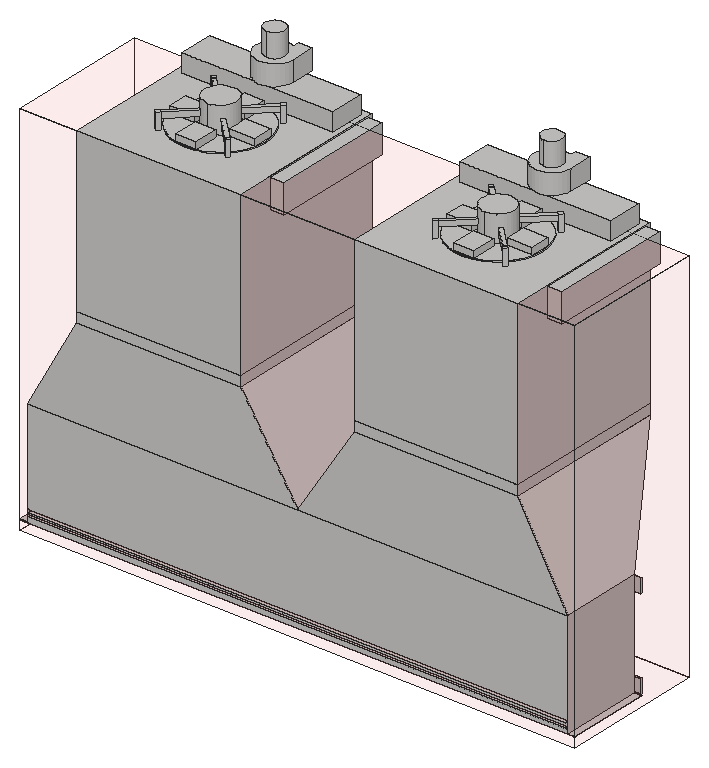
Revit family "Air-Curtain_Industrial_PoweredAire_Gas-Indirect-2Heater", category Mechanical Equipment, host Face, Revit 2019
Family settings
  Host = Face
  Round Connector Dimension = Use Diameter
  Part Type = Normal
  OmniClass Number = 23.75.35.17.21
  OmniClass Title = Air Curtains
  Cut with Voids When Loaded = No
  Shared = No
  Room Calculation Point = No
Parameters
  topbracket [instance] = Unit Height = 1' 4 3/4"  # yes
  Warranty Duration (Years) = 0
  Unit Width Notes = "Other Widths available."  # constant formula
  Unit Width = 9' - 3 5/32"
  Unit Weight = 0
  Unit Height = 1' - 4 3/4"
  Unit Depth = 1' - 9 1/4"
  URL = "http://www.poweredaire.com/"
  Test Data = ""
  Standards Conformance = "as Specified"
  Specification = "http://www.arcat.com/sdspecs/htm04/23_34_33pai.htm"
  SpecWizard = ""
  Sound Pressure = "as Specified"
  Sales Information = "http://www.poweredaire.com/contact_us"
  Revision = "R1_2016-08"
  Projection from Host [instance] = 0' - 2"
  Product Properties = ""
  Product Data = "http://www.arcat.com/arcatcos/cos47/arc47623.html"
  Power Rating = 0 W
  Piping_Operating Pressure [instance] = 0.00 psi
  Pipe OD [instance] = 5/8"
  Overall Depth = 6' - 1 3/4"
  Nozzle Width = if(1 = 1, Unit Width - 0' 3", 0' 0")  # 9' - 0 5/32"
  Mounting Width = if(1 = 1, Unit Width - 0' 1 1/2", 0' 0")  # 9' - 1 21/32"
  Mounting Height [instance] = 3' - 6"
  Motor RPM = 0
  Motor HP = 0
  Motor Count = 0
  Model = "As Specified"
  Max Height = 0' - 0"
  Manufacturer Website = "http://www.poweredaire.com/"
  Manufacturer Phone - Toll Free = "888-321-2473"
  Manufacturer Phone = "724-588-3305"
  Manufacturer Fax = "724-588-3371"
  Manufacturer Address = "109 Mortensen Rd.  Greenville, PA 16125"
  Manufacturer = "Powered Aire, Inc"
  Maintenance Schedule (Months) = 0
  Keynote = "23 34 33"
  Installation-Fabrication = ""
  Installation Phase = ""
  Include Clearance [instance] = yes
  Heating Element Load = 0 W
  Heater Weight = 0
  Heater Hanging Width = 2' - 6 5/8"
  Heater Finish [instance] = Metal - Steel - PoweredAire - Stainless 304
  HVAC_Temperature Rise = 0 °F
  HVAC_Primary CFM = 0 CFM
  HVAC_Outlet Volume = 0 CFM
  HVAC_Outlet Velocity Uniformity = 0
  HVAC_Outlet Velocity = 0 FPM
  HVAC_Exit Temperature [instance] = 0 °F
  HVAC_BTU Output = 0.0 Btu/h
  HVAC_BTU Input = 0.0 Btu/h
  Green Building-LEED = "http://www.arcat.com/green/clients/leed_data_47623.html"
  Gas Connection Diameter [instance] = 0"
  Frame Finish [instance] = Metal - Steel - PoweredAire - Stainless 304
  Expected Lifespan (Years) = 0
  Exhaust Connection Diameter = 0' - 5"
  Electrical_Wattage [instance] = Power Rating + Heating Element Load  # 0 W
  Electrical_Voltage [instance] = 0 V
  Electrical_Phase [instance] = 1
  Electrical_Frequency [instance] = 0 Hz
  Electrical_Amperage [instance] = 0 A
  Drawn By = "Sumex Design, Inc. / Robert S. Weygant, CSI, CDT, SCIP"
  Description = "Powered Aire Air Curtain as Specified"
  Default Elevation = 0' - 0"  # constant formula
  Copyright = "©Arcat Inc."
  Construction Details = "http://www.arcat.com/details/powair/prod3336.html"
  Clearance_Top [instance] = 1' - 0"
  Clearance_Side B [instance] = 0' - 0"
  Clearance_Side A [instance] = 0' - 0"
  Clearance_Intake [instance] = 0' - 0"
  Clearance_Bottom [instance] = 0' - 0"
  Clearance Material [instance] = ARCAT Clearance
  Building Codes = ""
  Available Options [instance] = "as Specified"
  Assembly Code = "D3090400"
Reference planes (in)
  plane 1 "Center (Elevation)": y = 0.13818
  plane 2: z = 0
  plane 3 "Center (Left/Right)": x = 0
  plane 4 "Top": y = 8.51318
  plane 5: y = -8.23682
  plane 6: x = -55.57812
  plane 7: x = 55.57813
  plane 8 "Front": z = 23.25
  plane 9 "FF": y = -41.86182
  plane 10: z = 2
  plane 11: x = 54.07813
  plane 12: x = -54.07812
  plane 13: y = 20.51318
  plane 14: y = -8.23682
  plane 15: x = -55.57812
  plane 16: x = 55.57813
  plane 17: z = 75.75
  plane 18: x = 54.01563
  plane 19: x = -54.01562
  plane 20: x = 54.07813
  plane 21: x = 54.07813
  plane 22: y = 6.01318
  plane 23: y = -5.73682
  plane 24: z = 75.75
  plane 25: z = 43.25
  plane 26: z = 41.25
  plane 27: x = -43.10156
  plane 28: x = -12.47656
  plane 29: x = -44.16406
  plane 30: x = -11.41406
  plane 31: x = 12.47656
  plane 32: x = 43.10156
  plane 33: x = 11.41406
  plane 34: x = 44.16406
  plane 35: x = -27.78906
  plane 36: x = 27.78906
Forms (in)
  Extrusion 1, solid, material "Metal - Steel - PoweredAire - Stainless 304" <- "Frame Finish"
    sketch origin (0, 0, 0) x (0, 1, 0) y (0, 0, 1)
      loop
        line (-8.23682, 2) -> (8.51318, 2) -> (8.51318, 23.25) -> (-8.23682, 23.25) -> (-8.23682, 2)
    from -54.07813 to 54.07812
  Extrusion 2, solid, material "ARCAT Clearance" <- "Clearance Material", visible <- "Include Clearance"
    sketch origin (0, 0, 0) x (0, 1, 0) y (0, 0, 1)
      loop
        line (-8.23682, 75.75) -> (-8.23682, 0) -> (20.51318, 0) -> (20.51318, 75.75) -> (-8.23682, 75.75)
    from -55.57812 to 55.57812
  Extrusion 3, solid, material "Metal - Steel - PoweredAire - Stainless 304" <- "Frame Finish"
    sketch origin (-15.17702, -180, 2) x (-1, 0, 0) y (0, -1, 0)
      loop
        line (-69.25515, -188.51318) -> (-69.25515, -171.76318) -> (-70.75515, -171.76318) -> (-70.75515, -188.51318) -> (-69.25515, -188.51318)
      loop
        line (38.9011, -188.51318) -> (40.4011, -188.51318) -> (40.4011, -171.76318) -> (38.9011, -171.76318) -> (38.9011, -188.51318)
    from 0 to 0.125
  Extrusion 4, solid, material "Metal - Steel - PoweredAire - Stainless 304" <- "Frame Finish", visible <- "topbracket"
    sketch origin (-11.83813, 8.51318, 48) x (-1, 0, 0) y (0, 0, 1)
      loop
        line (-65.91625, -45.5) -> (-65.91625, -42.75) -> (-67.41625, -42.75) -> (-67.41625, -45.5) -> (-65.91625, -45.5)
      loop
        line (-65.91625, -27.5) -> (-65.91625, -24.75) -> (-67.41625, -24.75) -> (-67.41625, -27.5) -> (-65.91625, -27.5)
      loop
        line (42.24, -45.5) -> (43.74, -45.5) -> (43.74, -42.75) -> (42.24, -42.75) -> (42.24, -45.5)
      loop
        line (42.24, -27.5) -> (43.74, -27.5) -> (43.74, -24.75) -> (42.24, -24.75) -> (42.24, -27.5)
    from 0 to -0.125
  Extrusion 5, void
    sketch origin (0, 0, 0) x (0, 1, 0) y (0, 0, 1)
      loop
        line (-8.23682, 3) -> (-7.23682, 3) -> (-7.23682, 4.5) -> (-8.23682, 4.5) -> (-8.23682, 3.82425) -> (-7.38364, 3.82425) -> (-7.38364, 3.57425) -> (-8.23682, 3.57425) -> (-8.23682, 3)
    from -54.01563 to 54.01562
  Blend 6, solid, material "Metal - Steel - PoweredAire - Stainless 304" <- "Frame Finish"
    base sketch origin (-15.17702, -180, 23.25) x (-1, 0, 0) y (0, -1, 0)
      loop
        line (38.9011, -188.51318) -> (38.9011, -171.76318) -> (-15.17702, -171.76318) -> (-15.17702, -188.51318) -> (38.9011, -188.51318)
    top sketch origin (-15.17702, -180, 23.25) x (-1, 0, 0) y (0, -1, 0)
      loop
        line (28.98704, -171.76318) -> (-3.76296, -171.76318) -> (-3.76296, -204.76318) -> (28.98704, -204.76318) -> (28.98704, -171.76318)
    from 0 to 18
  Blend 7, solid, material "Metal - Steel - PoweredAire - Stainless 304" <- "Frame Finish"
    base sketch origin (15.17702, -180, 23.25) x (1, 0, 0) y (0, 1, 0)
      loop
        line (38.9011, 188.51318) -> (-15.17702, 188.51318) -> (-15.17702, 171.76318) -> (38.9011, 171.76318) -> (38.9011, 188.51318)
    top sketch origin (15.17702, -180, 23.25) x (1, 0, 0) y (0, 1, 0)
      loop
        line (28.98704, 171.76318) -> (28.98704, 204.76318) -> (-3.76296, 204.76318) -> (-3.76296, 171.76318) -> (28.98704, 171.76318)
    from 0 to 18
Cuts and joins
  Extrusion 5 cuts Extrusion 1
Dimensions and locks (in)
  equal spacing: plane 4 "Top", plane 1 "Center (Elevation)", plane 5
  "Unit Height": plane 4 "Top" to plane 5
  "Unit Width": plane 6 to plane 7
  "Mounting Height": plane 1 "Center (Elevation)" to plane 9 "FF"
  "Projection from Host": plane 10 to level
  "Unit Depth": plane 8 "Front" to plane 10
  locked: plane 6 to plane 12 at 1.5
  locked: plane 11 to plane 7 at 1.5
  "Clearance_Side A": plane 7 to plane 16
  "Clearance_Side B": plane 15 to plane 6
  "Clearance_Top": plane 13 to plane 4 "Top"
  "Clearance_Bottom": plane 5 to plane 14
  "Clearance_Intake": plane 17 to plane 24
  Extrusion 5 sketch curve to Extrusion 5 sketch curve to Extrusion 5 sketch curve to Extrusion 5 sketch curve to plane 10 = 0' - 0.67575" locked, 0' - 0 1/4" locked, 0' - 0.57425" locked, 0' - 1" locked
  plane 5 to Extrusion 5 sketch curve to Extrusion 5 sketch curve = 0' - 0.85319" locked, 0' - 0.14681" locked
  locked: plane 19 to plane 12 at 0.0625
  locked: plane 11 to plane 18 at 0.0625
  locked: plane 20 to plane 11
  locked: plane 21 to plane 11
  locked: plane 4 "Top" to plane 22 at 2.5
  locked: plane 23 to plane 5 at 2.5
  "Overall Depth": plane 24 to plane 10
  locked: plane 25 to plane 26 at 2
  locked: plane 24 to plane 25 at 32.5
  locked: Blend 6 sketch curve to plane 5 at 33
  Extrusion 4 sketch curve to Extrusion 4 sketch curve to plane 10 = 0' - 2 3/4" locked, 0' - 0 1/2" locked  (x2)
  plane 8 "Front" to Extrusion 4 sketch curve to Extrusion 4 sketch curve = 0' - 0" locked, 0' - 2 3/4" locked  (x2)
  locked: plane 28 to plane 30 at 1.0625
  locked: plane 29 to plane 27 at 1.0625
  locked: plane 32 to plane 34 at 1.0625
  locked: plane 33 to plane 31 at 1.0625
  equal spacing: plane 6, plane 35, plane 3 "Center (Left/Right)", plane 36, plane 7
  equal spacing: plane 27, plane 35, plane 28
  "Heater Hanging Width": plane 27 to plane 28
  equal spacing: plane 31, plane 36, plane 32
  "Heater Hanging Width": plane 31 to plane 32
  locked: Blend 7 sketch curve to plane 5 at 33
  aligned and locked: plane 2 to host face
  aligned and locked: level to host face
  aligned and locked: Extrusion 2 sketch curve to plane 17
  aligned and locked: plane 14 to Extrusion 2 sketch curve
  aligned and locked: level to Extrusion 2 sketch curve
  aligned and locked: Extrusion 2 sketch curve to plane 13
  aligned and locked: plane 16 to Extrusion 2
  aligned and locked: Extrusion 2 to plane 15
  aligned and locked: plane 11 to Extrusion 1
  aligned and locked: Extrusion 1 to plane 12
  aligned and locked: Extrusion 1 sketch curve to plane 8 "Front"
  aligned and locked: plane 24 to nested 1
  aligned and locked: plane 5 to Blend 6 sketch curve
  aligned and locked: plane 12 to Blend 6 sketch curve
  aligned and locked: Blend 6 sketch curve to plane 4 "Top"
  aligned and locked: Blend 6 sketch curve to plane 5
  aligned and locked: plane 26 to Blend 6
  aligned and locked: plane 35 to nested 1
  aligned and locked: plane 36 to nested 2
  aligned and locked: plane 24 to nested 2
  aligned and locked: Blend 6 sketch curve to plane 3 "Center (Left/Right)"
  aligned and locked: Blend 6 sketch curve to plane 29
  aligned and locked: plane 30 to Blend 6 sketch curve
  aligned and locked: Blend 7 sketch curve to plane 5  (x2)
  aligned and locked: Blend 7 sketch curve to plane 3 "Center (Left/Right)"
  aligned and locked: plane 11 to Blend 7 sketch curve
  aligned and locked: Blend 7 sketch curve to plane 4 "Top"
  aligned and locked: plane 33 to Blend 7 sketch curve
  aligned and locked: Blend 7 sketch curve to plane 34
  aligned and locked: plane 18 to cut or joined group of Extrusion 1, Extrusion 5
  aligned and locked: cut or joined group of Extrusion 1, Extrusion 5 to plane 19
Automatic sketch dimensions
  host sketch curve to host sketch curve = 8' - 0"  (x2)
  Extrusion 1 sketch curve to plane 5 = 0' - 0"
  Extrusion 1 sketch curve to plane 4 "Top" = 0' - 0"
  Extrusion 1 sketch curve to plane 10 = 0' - 0"
  plane 4 "Top" to Extrusion 3 sketch curve = 0' - 0"
  Extrusion 3 sketch curve to plane 7 = 0' - 0"
  plane 5 to Extrusion 3 sketch curve = 0' - 0"
  Extrusion 3 sketch curve to plane 11 = 0' - 0"
  Extrusion 3 sketch curve to plane 4 "Top" = 0' - 0"
  Extrusion 3 sketch curve to plane 12 = 0' - 0"
  Extrusion 3 sketch curve to plane 6 = 0' - 0"
  Extrusion 3 sketch curve to plane 5 = 0' - 0"
  Extrusion 4 sketch curve to plane 7 = 0' - 0"  (x2)
  Extrusion 4 sketch curve to plane 11 = 0' - 0"  (x2)
  Extrusion 4 sketch curve to plane 12 = 0' - 0"  (x2)
  Extrusion 4 sketch curve to plane 6 = 0' - 0"  (x2)
  Extrusion 5 sketch curve to plane 5 = 0' - 0"  (x2)
Nested families (in)
  nested 1: "Heater" at (-27.78906, -8.23682, 43.2987) x (1, 0, 0) z (0, 1, 0), finish <- "Heater Finish", burner width <- "Heater Hanging Width", type "Heater"
    with finish Metal - Steel - PoweredAire - Stainless 304, burner width 2' - 6 5/8", Two Fan no, One Fan yes
  nested 2: "Heater" at (27.78906, -8.23682, 43.2987) x (1, 0, 0) z (0, 1, 0), finish <- "Heater Finish", burner width <- "Heater Hanging Width", type "Heater"
    with finish Metal - Steel - PoweredAire - Stainless 304, burner width 2' - 6 5/8", Two Fan no, One Fan yes
Connectors (in)
  electrical at (-54.07812, 0.13818, 12.625), driven by "Electrical_Voltage", driven by "Electrical_Phase"
    settings: on cut or joined group of Extrusion 1, Extrusion 5, index 3, voltage 0 V, apparent load 0 VA, apparent load phase1 0 VA, apparent load phase2 0 VA, apparent load phase3 0 VA, power factor 1, load classification "Motor", number of poles 1, system type 31, power factor state 1, is connector primary yes, connector utility no, sub classification motor no, connector description ""
  hvac at (-24.78906, 24.76318, 81.40625), driven by "Exhaust Connection Diameter", driven by "HVAC_Primary CFM"
    settings: on nested 1, index 4, duct flow 0 CFM, flow factor 0, pres drop 0.00 in-wg, loss coef 0, conn angle 0.00°, conn width 12", conn height 12", conn diameter 5", duct sys type 3, conn prof type 0, flow config 0, flow direction 2, loss method 0, conn ref index -1, conn util no, is conn primary yes, conn desc ""
  hvac at (30.78906, 24.76318, 81.40625), driven by "HVAC_Primary CFM", driven by "Exhaust Connection Diameter"
    settings: on nested 2, index 5, duct flow 0 CFM, flow factor 0, pres drop 0.00 in-wg, loss coef 0, conn angle 0.00°, conn width 12", conn height 12", conn diameter 5", duct sys type 3, conn prof type 0, flow config 0, flow direction 2, loss method 0, conn ref index -1, conn util no, is conn primary no, conn desc ""
Definition of nested family "Heater"
  Parameters
    finish [instance] = none
    burner width [instance] = 4' - 0 5/8"
    burner depth = 3' - 8 3/4"
    Two Fan [instance] = burner width > 4' 0"  # yes
    One Fan [instance] = burner width < 4' 0"  # no
    Default Elevation = 0' - 0"  # constant formula
  Reference planes (in)
    plane 1 "Center (Front/Back)": y = 0
    plane 2: z = 0
    plane 3 "Center (Left/Right)": x = 0
    plane 4: x = -25.375
    plane 5: x = 25.375
    plane 6: z = 33
    plane 7: y = -44.75
    plane 8: x = 3
    plane 9: x = 4.375
    plane 10: x = -12.6875
    plane 11: x = 12.6875
    plane 12: z = 15.5
    plane 13: x = -24.3125
    plane 14: x = 24.3125
  Forms (in)
    Extrusion 1, solid, material <- "finish"
      sketch origin (-74.94554, -3, 38.65968) x (0, 0, 1) y (1, 0, 0)
        loop
          line (-5.65968, 49.57054) -> (-5.65968, 100.32054) -> (-38.65968, 100.32054) -> (-38.65968, 49.57054) -> (-5.65968, 49.57054)
      from 3 to -29.4513
    Extrusion 2, solid, material <- "finish"
      sketch origin (0, 0, 0) x (0, 1, 0) y (0, 0, 1)
        loop
          line (2, 0) -> (2, 33) -> (0, 33) -> (0, 0) -> (2, 0)
      from -25.375 to 25.375
    Extrusion 3, solid, material <- "finish"
      sketch origin (-74.94554, -32.4513, 38.65968) x (0, 0, 1) y (1, 0, 0)
        loop
          line (-6.91591, 50.82971) -> (-6.91591, 99.10844) -> (-13.91591, 99.10844) -> (-13.91591, 50.82971) -> (-6.91591, 50.82971)
      from 0 to -3.625
    Extrusion 4, solid, material <- "finish"
      sketch origin (-74.94554, -36.0763, 38.65968) x (0, 0, 1) y (1, 0, 0)
        loop
          arc (-10.4052, 79.32054) -> (-12.67312, 72.60509) -> (-6.79809, 76.57054) r 3.74068
          line (-6.79809, 76.57054) -> (-5.65968, 76.57054) -> (-5.65968, 79.32054) -> (-10.4052, 79.32054)
      from 0 to -4.0625
    Extrusion 5, solid, material <- "finish"
      sketch origin (-73.58006, -40.1388, 35.52564) x (0, 0, -1) y (1, 0, 0)
        loop
          circle (7.27116, 74.21438) r 2
      from 4.6112 to 0
    Extrusion 6, solid, material <- "finish"
      sketch origin (0, 0, 0) x (1, 0, 0) y (0, 1, 0)
        loop
          line (28.3125, -32.4513) -> (28.3125, -26.7013) -> (25.3125, -26.7013) -> (25.3125, -32.4513) -> (28.3125, -32.4513)
      from 7.25 to 31.75
    Extrusion 7, solid, material <- "finish", visible <- "Two Fan"
      sketch origin (0, 0, 0) x (0, 1, 0) y (0, 0, 1)
        loop
          line (-32.4513, 6.22268) -> (-44.15658, 5.1986) -> (-44.15658, 4.4486) -> (-32.4513, 4.85736) -> (-32.4513, 6.22268)
      from -25.375 to 25.375
  Dimensions and locks (in)
    locked: Extrusion 4 sketch curve to Extrusion 4 sketch curve at 2.75
    "burner width": plane 13 to plane 14
    locked: plane 6 to level at 33
    "burner depth": plane 7 to plane 1 "Center (Front/Back)"
    locked: plane 8 to plane 9 at 1.375
    Extrusion 4 sketch curve to Extrusion 4 sketch curve to plane 8 = 0' - 0.99068" locked, 0' - 1 3/8" locked
    locked: Extrusion 5 sketch curve to plane 8 at 2.36568
    locked: plane 8 to plane 3 "Center (Left/Right)" at 3
    Extrusion 6 sketch curve to plane 5 to Extrusion 6 sketch curve = 0' - 0 1/16" locked, 0' - 2 15/16" locked
    equal spacing: plane 5, plane 11, plane 3 "Center (Left/Right)", plane 10, plane 4
    locked: plane 4 to plane 13 at 1.0625
    locked: plane 14 to plane 5 at 1.0625
    aligned and locked: plane 2 to level
    aligned: Extrusion 4 to Extrusion 5
    aligned: Extrusion 3 to Extrusion 2  (x2)
    aligned and locked: plane 7 to Extrusion 5
    aligned and locked: plane 4 to Extrusion 1 sketch curve
    aligned and locked: Extrusion 1 sketch curve to plane 5
    aligned and locked: Extrusion 7 to plane 4
    aligned and locked: plane 5 to Extrusion 7
    aligned and locked: plane 12 to nested 1
    aligned and locked: plane 3 "Center (Left/Right)" to nested 1
    aligned and locked: plane 12 to nested 3
    aligned and locked: plane 11 to nested 3
    aligned and locked: plane 10 to nested 2
    aligned and locked: plane 12 to nested 2
    aligned and locked: plane 5 to Extrusion 2
    aligned and locked: Extrusion 2 to plane 4
  Automatic sketch dimensions
    Extrusion 1 to Extrusion 3 sketch curve = 0' - 1.25917"
    Extrusion 1 to Extrusion 3 sketch curve = 0' - 8.25624"
    Extrusion 1 to Extrusion 3 sketch curve = 0' - 1.2121"
    Extrusion 1 to Extrusion 3 sketch curve = 0' - 1.25624"
    Extrusion 4 sketch curve to Extrusion 3 = 0' - 0.11782"
    Extrusion 4 sketch curve to Extrusion 3 = 0' - 1.25624"
    Extrusion 5 sketch curve to Extrusion 4 = 0' - 4.74552"
    Extrusion 1 sketch curve to level = 0' - 0"
    Extrusion 1 sketch curve to plane 6 = 0' - 0"
    Extrusion 2 sketch curve to level = 0' - 0"
    Extrusion 2 sketch curve to plane 1 "Center (Front/Back)" = 0' - 0"
    Extrusion 2 sketch curve to plane 6 = 0' - 0"
    Extrusion 2 sketch curve to Extrusion 2 sketch curve = 0' - 2"
    Extrusion 6 sketch curve to plane 7 = 1' - 0.2987"
    Extrusion 6 sketch curve to Extrusion 6 sketch curve = 0' - 5 3/4"
    Extrusion 7 sketch curve to plane 7 = 0' - 0.59342"
    level to Extrusion 7 sketch curve = 0' - 4.4486"
    Extrusion 7 sketch curve to Extrusion 7 sketch curve = 0' - 0 3/4"
    level to Extrusion 7 sketch curve = 0' - 4.85736"
    Extrusion 7 sketch curve to Extrusion 7 sketch curve = 0' - 11.70529"
    Extrusion 7 sketch curve to Extrusion 7 sketch curve = 0' - 1.36532"
    radius of Extrusion 5 sketch curve = 0' - 2"
  Nested families (in)
    nested 1: "FanControls" at (0, -32.4513, 15.5) x (1, 0, 0) z (0, -1, 0), finish <- "finish", visible <- "One Fan", type "FanControls"
      with finish none
    nested 2: "FanControls" at (-12.6875, -32.4513, 15.5) x (1, 0, 0) z (0, -1, 0), finish <- "finish", visible <- "Two Fan", type "FanControls"
      with finish none
    nested 3: "FanControls" at (12.6875, -32.4513, 15.5) x (1, 0, 0) z (0, -1, 0), finish <- "finish", visible <- "Two Fan", type "FanControls"
      with finish none
  Definition of nested family "FanControls"
    Parameters
      finish [instance] = none
      Default Elevation = 4' - 0"
    Reference planes (in)
      plane 1 "Center (Front/Back)": y = 0
      plane 2: z = 0
      plane 3 "Center (Left/Right)": x = 0
    Forms (in)
      Extrusion 1, solid, material <- "finish"
        sketch origin (-75.00804, 32.07233, 0) x (1, 0, 0) y (0, -1, 0)
          loop
            circle (75.00804, 32.07233) r 3.25
        from -5.33075 to 0
      Extrusion 2, solid, material <- "finish"
        sketch origin (24.44581, -78.06044, 0) x (1, 0, 0) y (0, -1, 0)
          loop
            line (-22.50831, -86.58776) -> (-22.50831, -81.58776) -> (-26.50831, -81.58776) -> (-26.50831, -86.58776) -> (-22.50831, -86.58776)
          loop
            line (-22.50831, -69.53312) -> (-26.50831, -69.53312) -> (-26.50831, -74.53312) -> (-22.50831, -74.53312) -> (-22.50831, -69.53312)
          loop
            line (-15.98099, -76.06044) -> (-20.98099, -76.06044) -> (-20.98099, -80.06044) -> (-15.98099, -80.06044) -> (-15.98099, -76.06044)
          loop
            line (-33.03563, -76.06044) -> (-33.03563, -80.06044) -> (-28.03563, -80.06044) -> (-28.03563, -76.06044) -> (-33.03563, -76.06044)
        from 0 to -1.37288
      Extrusion 3, solid, material <- "finish"
        sketch origin (-75.00804, 21.40968, 0) x (1, 0, 0) y (0, -1, 0)
          loop
            line (68.02536, 14.95733) -> (68.55569, 14.427) -> (75.00804, 20.87935) -> (81.46039, 14.427) -> (81.99072, 14.95733) -> (75.53837, 21.40968) -> (81.99072, 27.86203) -> (81.46039, 28.39236) -> (75.00804, 21.94001) -> (68.55569, 28.39236) -> (68.02536, 27.86203) -> (74.47771, 21.40968) -> (68.02536, 14.95733)
        from -3.1123 to -2
      Extrusion 4, solid, material <- "finish"
        sketch origin (-75.00804, 21.40968, 0) x (1, 0, 0) y (0, -1, 0)
          loop
            line (68.02536, 13.89667) -> (68.55569, 14.427) -> (68.02536, 14.95733) -> (67.49503, 14.427) -> (68.02536, 13.89667)
          loop
            line (82.52105, 14.427) -> (81.99072, 14.95733) -> (81.46039, 14.427) -> (81.99072, 13.89667) -> (82.52105, 14.427)
          loop
            line (81.99072, 28.92269) -> (81.46039, 28.39236) -> (81.99072, 27.86203) -> (82.52105, 28.39236) -> (81.99072, 28.92269)
          loop
            line (67.49503, 28.39236) -> (68.02536, 27.86203) -> (68.55569, 28.39236) -> (68.02536, 28.92269) -> (67.49503, 28.39236)
        from 0 to -3.1123
      Extrusion 5, solid, material <- "finish"
        sketch origin (0, 0, 0) x (1, 0, 0) y (0, 1, 0)
          loop
            circle (0, 0) r 9
        from 0 to 0.14961
    Dimensions and locks (in)
      Extrusion 4 sketch curve to Extrusion 4 sketch curve to Extrusion 4 sketch curve to Extrusion 4 sketch curve = 0' - 0.53033" locked, 0' - 0" locked, 0' - 0.53033" locked  (x4)
      Extrusion 3 sketch curve to Extrusion 3 sketch curve to Extrusion 3 sketch curve to Extrusion 3 sketch curve to Extrusion 3 sketch curve = 0' - 5.92202" locked, 0' - 0" locked, 0' - 0.53033" locked, 0' - 0" locked
      Extrusion 3 sketch curve to Extrusion 3 sketch curve to Extrusion 3 sketch curve to Extrusion 3 sketch curve to Extrusion 3 sketch curve = 0' - 0" locked, 0' - 0.53033" locked, 0' - 0" locked, 0' - 5.92202" locked
      locked: Extrusion 2 sketch curve to Extrusion 2 sketch curve at 5  (x2)
      aligned and locked: plane 2 to level
